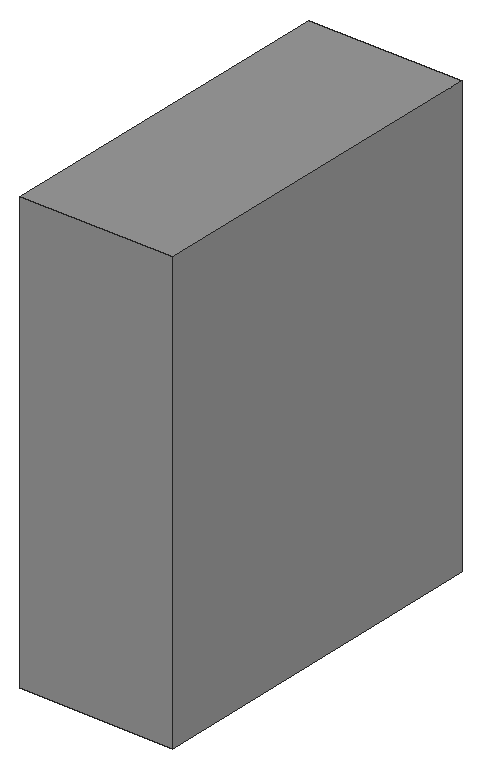
Revit family "56198 PRESTO SO'O", category Appareils sanitaires, Revit 2020
Family settings
  Cote de connecteur circulaire = Utiliser le diamètre
  Type d'élément = Normal
  Basée sur le plan de construction = Non
  Toujours verticalement = Oui
  Couper avec des vides une fois chargée = Non
  Partagée = Non
  Point de calcul de pièce = Non
Parameters
  Variantes = "56214"
  UNSPSC Code = "301815"
  Temps d'ecoulement = ""
  Region South America = "All"
  Region Oceania = "All"
  Region North America = "All"
  Region Middle East = "All"
  Region Europe = "All"
  Region Asia = "All"
  Region Antarctica = "All"
  Region Africa = "All"
  Profondeur = 58 mm
  Product SKU = "56198"
  Poids Net (Kg) = "0"
  Pays fabricant = "France"
  Pays designer = "France"
  Nom du fabricant = "Presto"
  Materiau secondaire = Chrome
  Materiau principal = Laiton
  Longueur = 155 mm
  LC = 15 mm
  URL = "http://www.prestodatashare.com/centretelechargement/index.php?lang=FR&refs=56198"
  Lien notice d'utilisation = "http://www.prestodatashare.com/centretelechargement/support.php?lang=FR&ref=56214"
  Lien fiche produit = "http://www.prestodatashare.com/espacedoc/Fiches_Techniques/FR/56214.pdf"
  Reference = "56214"
  Pression = "1 à 5 bars"
  Perte de charge = 0.0 Pa
  Modèle = "56198 PRESTO SO'O"
  Lien CCTP = "http://www.prestodatashare.com/centretelechargement/index.php?lang=FR&refs=56214"
  PC = 30 mm
  Hauteur = 150 mm
  Groupe produit = "Electronique"
  Fonction = "Aérateur anti-tartre haute qualité\nDispositif anti-coup de bélier\nAlimentation électrique : Avec transformateur 230 Vac / 7 Vdc dans boîtier étanche IP65\nRésistance thermique : Ce robinet résiste à une température de 75°C durant 30 minutes dans le cadre de chocs thermiques\nSécurité :\n- Anti-brûlure : limitation de la température maximale par butée réglable\n- Fermeture automatique de l'électrovanne en cas d'écoulement > à 30s, de coupure secteur ou de dégradation du détecteur\n\nLivré avec :\n- 2 Ecrous de fixation\n- 1 Joint et 1 rondelle\n- 2 Flexibles PEX avec écrou femelle 3/8'' (12x17) et Clapets anti-retour NF\n- 2 Joints filtre"
  Finition = "Composants en métal injecté avec traitement nickel-chrome\nCorps en métal moulé injecté"
  Famille produit = "Lavabo"
  Fabricant = "LES ROBINETS PRESTO S.A."
  Elévation par défaut = 0 mm
  Diamètre Nominal = 12 mm
  Description = "Robinet mitigeur électronique pour lavabo avec alimentation 230V finition noir - capot or rose"
  Raccordement = "G 3/8'' (12x17)"
  Debit = "3 l/min"
  Arrivée d'eau = "G 3/8\""
  Adresse = "7, RUE RACINE - 92542 MONTROUGE CEDEX FRANCE"
Reference planes
  plane 1 "Centre (avant/arrière)": y = 0
  plane 2: z = 0
  plane 3 "Centre (gauche/droite)": x = 0
  plane 4: y = -132
  plane 5: x = 56
  plane 6: z = 161
  plane 7: x = 28
  plane 8: z = 1
  plane 9: y = -30
  plane 10: x = 15
  plane 11: x = 41
Forms (mm)
  Extrusion 1, solid, material "Laiton poli chromé", detail levels fine
    sketch origin (0, 0, 0) x (1, 0, 0) y (0, 1, 0)
      loop
        line (0, 0) -> (0, -132) -> (56, -132) -> (56, 0) -> (0, 0)
    from 0 to 161
  Extrusion 2, solid, material "Laiton poli chromé", detail levels fine
    sketch origin (0, 0, 0) x (1, 0, 0) y (0, 1, 0)
      loop
        circle (15, -30) r 5
    from 0 to 1
  Extrusion 3, solid, material "Laiton poli chromé", detail levels fine
    sketch origin (0, 0, 0) x (1, 0, 0) y (0, 1, 0)
      loop
        circle (41, -30) r 5
    from 0 to 1
Cuts and joins
  joined: Extrusion 1, Extrusion 2, Extrusion 3
Dimensions and locks
  plane 1 "Centre (avant/arrière)" to plane 4 = 132 mm
  plane 3 "Centre (gauche/droite)" to plane 5 = 56 mm
  plane 6 to level = 161 mm
  equal spacing: plane 3 "Centre (gauche/droite)", plane 7, plane 5
  locked: plane 8 to plane 2 at 1
  "PC": plane 1 "Centre (avant/arrière)" to plane 9
  "LC": plane 3 "Centre (gauche/droite)" to plane 10
  "LC": plane 11 to plane 5
  aligned and locked: level to plane 2
  aligned and locked: plane 1 "Centre (avant/arrière)" to Extrusion 1 sketch curve
  aligned and locked: plane 3 "Centre (gauche/droite)" to Extrusion 1 sketch curve
  aligned and locked: plane 4 to Extrusion 1 sketch curve
  aligned and locked: plane 5 to Extrusion 1 sketch curve
  aligned and locked: plane 6 to Extrusion 1
  aligned and locked: plane 8 to Extrusion 2
  aligned and locked: plane 8 to Extrusion 3
  aligned and locked: plane 9 to nested 1
  aligned and locked: plane 7 to nested 1
  aligned and locked: plane 6 to nested 2
  aligned and locked: plane 7 to nested 2
  aligned and locked: nested 2 to plane 4
Automatic sketch dimensions
  Extrusion 2 sketch curve to plane 9 = 0 mm
  Extrusion 2 sketch curve to plane 10 = 0 mm
  Extrusion 3 sketch curve to plane 9 = 0 mm
  Extrusion 3 sketch curve to plane 11 = 0 mm
  radius of Extrusion 2 sketch curve = 5 mm
  radius of Extrusion 3 sketch curve = 5 mm
Nested families
  nested 1: "SymboliqueA6" at (0, -30, 0) x (0, 1, 0) z (0, 0, 1), type "SymboliqueA6", detail levels coarse+medium
  nested 2: "S2DA6" at (56, -66, 0) x (0, 1, 0) z (0, 0, 1), type "S2DA6", detail levels coarse+medium
Connectors
  piping at (15, -30, 0), diameter 12, driven by "Diamètre Nominal", driven by "Perte de charge"
    settings: on Extrusion 2, index 3, connector inside diameter 609.6 mm, connector length 0 mm, flow factor 0, pipe flow 0.05 L/s, pressure drop 0.0 Pa, fitting loss kfactor 0, connector angle 0.00°, fixture units 0, engagement length 0 mm, angle of deflection 0.00°, flow configuration 0, flow direction 1, fitting loss method 4, system type 19, joint type 0, gender type 0, connector reference index -1, connector utility 0, adjustable connector no, is connector primary yes, connector description ""
  piping at (41, -30, 0), diameter 12, driven by "Perte de charge", driven by "Diamètre Nominal"
    settings: on Extrusion 3, index 4, connector inside diameter 609.6 mm, connector length 0 mm, flow factor 0, pipe flow 0.05 L/s, pressure drop 0.0 Pa, fitting loss kfactor 0, connector angle 0.00°, fixture units 0, engagement length 0 mm, angle of deflection 0.00°, flow configuration 0, flow direction 1, fitting loss method 4, system type 20, joint type 0, gender type 0, connector reference index -1, connector utility 0, adjustable connector no, is connector primary no, connector description ""
Definition of nested family "SymboliqueA6"
  Parameters (values of type "SymboliqueA6")
    V = yes
    P = 1000 mm
    L = 1000 mm
    H = 1000 mm
    Default Elevation = 0 mm
  Reference planes
    plane 1 "Centre (avant/arrière)": y = 0
    plane 2: z = 0
    plane 3 "Centre (gauche/droite)": x = 0
    plane 4: y = -1000
    plane 5: x = -500
    plane 6: x = 500
    plane 7: z = 1000
    plane 8: z = 500
    plane 9: y = -500
  Lines and regions (mm)
    model lines
      curve 1: line (0, -1000, 1000) -> (0, 0, 0)
      curve 2: line (0, 0, 0) -> (0, -1000, 0)
      curve 3: line (0, -1000, 0) -> (0, 0, 1000)
      curve 4: line (0, 0, 1000) -> (0, -1000, 1000)
  Dimensions and locks
    "H": plane 7 to plane 2
    equal spacing: plane 5, plane 3 "Centre (gauche/droite)", plane 6
    "L": plane 5 to plane 6
    equal spacing: plane 7, plane 8, level
    equal spacing: plane 4, plane 9, plane 1 "Centre (avant/arrière)"
    "P": plane 1 "Centre (avant/arrière)" to plane 4
    aligned and locked: level to plane 2
  Automatic sketch dimensions
    curve 3 to level = 0 mm
    curve 1 to plane 1 "Centre (avant/arrière)" = 0 mm
    curve 1 to plane 7 = 0 mm
    curve 3 to plane 4 = 0 mm
    curve 3 to plane 1 "Centre (avant/arrière)" = 0 mm
    curve 4 to plane 4 = 0 mm
Definition of nested family "S2DA6"
  Parameters (values of type "S2DA6")
    P = 788.322 mm
    L = 1600 mm
    H = 1250.021 mm
    Default Elevation = 0 mm
  Reference planes
    plane 1 "Centre (avant/arrière)": y = 0
    plane 2: z = 0
    plane 3 "Centre (gauche/droite)": x = 0
    plane 4: y = 788.322
    plane 5: x = -800
    plane 6: x = 800
    plane 7: y = 394.161
    plane 8: z = 1250.021
    plane 9: z = 625.01
  Lines and regions (mm)
    symbolic lines
      curve 1: line (-800, 788.322, 0) -> (800, 0, 0)
      curve 2: line (800, 0, 0) -> (800, 788.322, 0)
      curve 3: line (800, 788.322, 0) -> (-800, 0, 0)
      curve 4: line (-800, 0, 0) -> (-800, 788.322, 0)
      curve 5: line (800, 0, 1250.021) -> (-800, 0, 1250.021)
      curve 6: line (-800, 0, 1250.021) -> (800, 0, 0)
      curve 7: line (800, 0, 0) -> (-800, 0, 0)
      curve 8: line (800, 0, 1250.021) -> (-800, 0, 0)
      curve 9: line (0, 788.322, 0) -> (0, 0, 1250.021)
      curve 10: line (0, 0, 1250.021) -> (0, 788.322, 1250.021)
      curve 11: line (0, 788.322, 1250.021) -> (0, 0, 0)
      curve 12: line (0, 0, 0) -> (0, 788.322, 0)
  Dimensions and locks
    equal spacing: plane 5, plane 3 "Centre (gauche/droite)", plane 6
    equal spacing: plane 1 "Centre (avant/arrière)", plane 7, plane 4
    "P": plane 1 "Centre (avant/arrière)" to plane 4
    "L": plane 5 to plane 6
    equal spacing: plane 8, plane 9, level
    "H": plane 8 to plane 2
    aligned and locked: level to plane 2
  Automatic sketch dimensions
    plane 1 "Centre (avant/arrière)" to curve 3 = 0 mm
    curve 1 to plane 4 = 0 mm
    curve 3 to plane 4 = 0 mm
    plane 1 "Centre (avant/arrière)" to curve 2 = 0 mm
    curve 3 to plane 6 = 0 mm
    curve 4 to plane 5 = 0 mm
    curve 10 to plane 1 "Centre (avant/arrière)" = 0 mm
    curve 10 to plane 8 = 0 mm
    curve 11 to plane 4 = 0 mm
    curve 12 to level = 0 mm
    curve 12 to plane 1 "Centre (avant/arrière)" = 0 mm
    curve 12 to plane 4 = 0 mm
    plane 5 to curve 5 = 0 mm
    curve 8 to level = 0 mm
    plane 5 to curve 8 = 0 mm
    plane 6 to curve 7 = 0 mm
    plane 6 to curve 8 = 0 mm
    curve 6 to plane 8 = 0 mm
